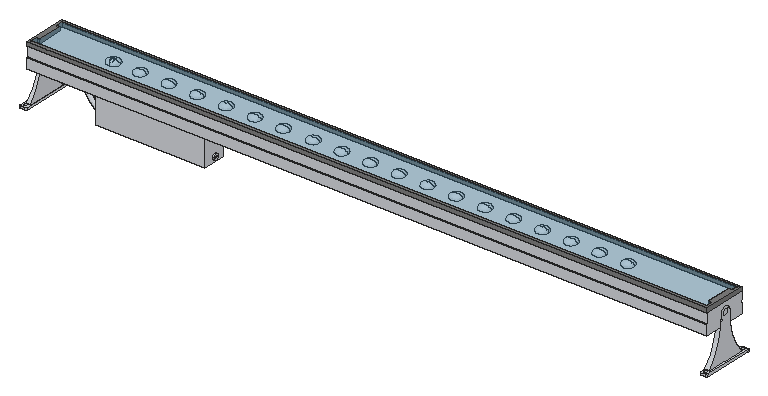
Revit family "WALL WASHER HIGH POWER LED 100CM_LK2036WW.30_CW.30", category Luminarias, Revit 2019
Family settings
  Cota de conector redondo = Diámetro de uso
  Tipo de pieza = Normal
  Se basa en plano de trabajo = Sí
  Siempre vertical = No
  Corte con vacíos al cargar = No
  Origen de luz = Sí
  Compartido = No
  Punto de cálculo de habitación = No
Parameters (values of type "REFL_LK2036WW.30")
  Ángulo de inclinación = 60.00°
  Zone [instance] = ""
  Watt per fixture = 41
  Wattage = 41 W
  built-in parameter 1150107 = 3000 (stored number, unit not read)
  built-in parameter 1150110 = 1 (stored number, unit not read)
  built-in parameter 1150109 = 1 (stored number, unit not read)
  built-in parameter 1150112 = 1 (stored number, unit not read)
  built-in parameter 1150113 = 1 (stored number, unit not read)
  built-in parameter 1114218 = 1 (stored number, unit not read)
  Keynote = ""
  built-in parameter 1150137 = (empty or 0)
  built-in parameter 1150132 = (empty or 0)
  Modelo = "LK2036WW.30"
  Lámpara = "OSRAM"
  Longitud de línea de emisión = 400 mm
  built-in parameter 1150105 = 200.36 (stored number, unit not read)
  built-in parameter 1150102 = (empty or 0)
  built-in parameter 1150106 = 2.0036 (stored number, unit not read)
  Lumens = 2517.81 lm
  Color Filter = 16777215
  built-in parameter 1114217 = 1 (stored number, unit not read)
  built-in parameter 1150139 = (empty or 0)
  Fabricante = "BRILLANT"
  Default Elevation = 0 mm
  built-in parameter 1150104 = 5.7052 (stored number, unit not read)
  Descripción = "LUMINARIA TIPO REFLECTOR LINEAL, WALL WASHER , CUERPO DE ALUMINIO EXTRUIDO CON POLVO GRIS, VIDRIO TEMPLADO DE 3MM ADEMAS DEL SELLADO CON SILICON EN VIDRIO Y HOUSING, CUENTA CON 20 LED TIPO OSRAM CON UN CONSUMO TOTAL DE 41W, 2518 LUMENES, CON UNA TEMPERATURA EN BLANCO CALIDO A 3000K, IP 66, IRC 80, IK 05, CABLE H05RN DE 0.5M, APERTURA DE 30 GRADOS EN STOCK, ALIMENTADA CON FUENTE REMOTA A 100-277V."
  built-in parameter 1150115 = 1 (stored number, unit not read)
  built-in parameter 1150114 = 1 (stored number, unit not read)
  Comentarios de vataje = "100-277V"
  built-in parameter 1150138 = (empty or 0)
  built-in parameter 1150134 = (empty or 0)
  Circuit [instance] = ""
  Dimming Lamp Color Temperature Shift = 1
  Archivo de red fotométrica = "LK2036WW.IES"
  built-in parameter 1150133 = 10 (stored number, unit not read)
Types (2, lengths in mm): name | built-in parameter 1150107 | Modelo | built-in parameter 1150105 | built-in parameter 1150106 | Lumens | built-in parameter 1150104 | Descripción | built-in parameter 1150134
  REFL_LK2036WW.30 | 3000 (stored number, unit not read) | "LK2036WW.30" | 200.36 (stored number, unit not read) | 2.0036 (stored number, unit not read) | 2517.81 lm | 5.7052 (stored number, unit not read) | "LUMINARIA TIPO REFLECTOR LINEAL, WALL WASHER , CUERPO DE ALUMINIO EXTRUIDO CON POLVO GRIS, VIDRIO TEMPLADO DE 3MM ADEMAS DEL SELLADO CON SILICON EN VIDRIO Y HOUSING, CUENTA CON 20 LED TIPO OSRAM CON UN CONSUMO TOTAL DE 41W, 2518 LUMENES, CON UNA TEMPERATURA EN BLANCO CALIDO A 3000K, IP 66, IRC 80, IK 05, CABLE H05RN DE 0.5M, APERTURA DE 30 GRADOS EN STOCK, ALIMENTADA CON FUENTE REMOTA A 100-277V." | (empty or 0)
  REFL_LK2036CW.30 | 6000 (stored number, unit not read) | "LK2036CW.30" | 229.95 (stored number, unit not read) | 2.2995 (stored number, unit not read) | 2889.68 lm | 6.5478 (stored number, unit not read) | "LUMINARIA TIPO REFLECTOR LINEAL, WALL WASHER , CUERPO DE ALUMINIO EXTRUIDO CON POLVO GRIS, VIDRIO TEMPLADO DE 3MM ADEMAS DEL SELLADO CON SILICON EN VIDRIO Y HOUSING, CUENTA CON 20 LED TIPO OSRAM CON UN CONSUMO TOTAL DE 41W, 2890 LUMENES, CON UNA TEMPERATURA EN BLANCO FRIO A 6000K, IP 66, IRC 80, IK 05, CABLE H05RN DE 0.5M, APERTURA DE 30 GRADOS EN STOCK, ALIMENTADA CON FUENTE REMOTA A 100-277V." | 5
Reference planes
  plane 1 "Centro (Frontal/Posterior)": y = 0
  plane 2: z = 0
  plane 3 "Centro (Izquierda/Derecha)": x = 0
  plane 4: x = -500
  plane 5: x = 500
  plane 6: z = 86
  plane 7: z = 3
  plane 8: x = 0
Forms (mm)
  Extrusion 1, solid
    sketch origin (0, 0, 0) x (1, 0, 0) y (0, 1, 0)
      loop
        arc (-495.182, -38.75) -> (-493.931, -38.232) -> (-493.412, -36.98) r 1.77
        line (-493.412, -36.98) -> (-493.412, 36.98)
        arc (-493.412, 36.98) -> (-493.931, 38.232) -> (-495.182, 38.75) r 1.77
        line (-495.182, 38.75) -> (-501.643, 38.75)
        arc (-501.643, 38.75) -> (-502.894, 38.232) -> (-503.412, 36.98) r 1.77
        line (-503.412, 36.98) -> (-503.412, -36.98)
        arc (-503.412, -36.98) -> (-502.894, -38.232) -> (-501.643, -38.75) r 1.77
        line (-501.643, -38.75) -> (-495.182, -38.75)
      loop
        circle (-498.412, -33.75) r 2.617
      loop
        circle (-498.412, 33.75) r 2.617
      loop
        line (495.182, -38.75) -> (501.643, -38.75)
        arc (501.643, -38.75) -> (502.894, -38.232) -> (503.412, -36.98) r 1.77
        line (503.412, -36.98) -> (503.412, 36.98)
        arc (503.412, 36.98) -> (502.894, 38.232) -> (501.643, 38.75) r 1.77
        line (501.643, 38.75) -> (495.182, 38.75)
        arc (495.182, 38.75) -> (493.931, 38.232) -> (493.412, 36.98) r 1.77
        line (493.412, 36.98) -> (493.412, -36.98)
        arc (493.412, -36.98) -> (493.931, -38.232) -> (495.182, -38.75) r 1.77
      loop
        circle (498.412, -33.75) r 2.617
      loop
        circle (498.412, 33.75) r 2.617
    from 0 to 3
  Extrusion 2, solid
    sketch origin (0, 0, 57.505) x (0, -1, 0) y (0, 0, -1)
      loop
        circle (0, -9.725) r 5
      loop
        arc (-7.232, -9.725) -> (0, -16.957) -> (7.232, -9.725) r 7.232
        arc (7.232, -9.725) -> (12.387, 24.386) -> (29.21, 54.505) r 96.512
        line (29.21, 54.505) -> (0.469, 54.505) -> (0.469, 19.505) -> (-0.469, 19.505) -> (-0.469, 54.505) -> (-29.21, 54.505)
        arc (-29.21, 54.505) -> (-12.387, 24.386) -> (-7.232, -9.725) r 96.512
    from 493.412 to 500
  Extrusion 3, solid, material "Cristal"
    sketch origin (0, 0, 0) x (1, 0, 0) y (0, 1, 0)
      loop
        line (-495, 28.5) -> (-495, 18.5) -> (-490, 18.5) -> (-490, -18.5) -> (-495, -18.5) -> (-495, -28.5) -> (495, -28.5) -> (495, -18.5) -> (490, -18.5) -> (490, 18.5) -> (495, 18.5) -> (495, 28.5) -> (-495, 28.5)
    from 86 to 85.337
  Revolve 4, solid
    sketch origin (0, 0, 1.84) x (1, 0, 0) y (0, 0, 1)
      loop
        line (105.714, 83.128) -> (105.714, 78.128) -> (114.371, 78.128)
        spline (114.371, 78.128) -> (114.297, 78.781) -> (114.076, 79.422) -> (113.712, 80.042) -> (113.211, 80.628) -> (112.582, 81.172) -> (111.835, 81.664) -> (110.984, 82.095) -> (110.043, 82.458) -> (109.027, 82.748) -> (107.955, 82.958) -> (106.844, 83.085) -> (105.714, 83.128)
      axis (105.714, 78.128) -> (105.714, 83.128)
    angle from 0 to 360
  Revolve 5, solid
    sketch origin (-42, 0, 1.84) x (1, 0, 0) y (0, 0, 1)
      loop
        line (105.714, 83.128) -> (105.714, 78.128) -> (114.371, 78.128)
        spline (114.371, 78.128) -> (114.297, 78.781) -> (114.076, 79.422) -> (113.712, 80.042) -> (113.211, 80.628) -> (112.582, 81.172) -> (111.835, 81.664) -> (110.984, 82.095) -> (110.043, 82.458) -> (109.027, 82.748) -> (107.955, 82.958) -> (106.844, 83.085) -> (105.714, 83.128)
      axis (105.714, 78.128) -> (105.714, 83.128)
    angle from 0 to 360
  Revolve 6, solid
    sketch origin (-84, 0, 1.84) x (1, 0, 0) y (0, 0, 1)
      loop
        line (105.714, 83.128) -> (105.714, 78.128) -> (114.371, 78.128)
        spline (114.371, 78.128) -> (114.297, 78.781) -> (114.076, 79.422) -> (113.712, 80.042) -> (113.211, 80.628) -> (112.582, 81.172) -> (111.835, 81.664) -> (110.984, 82.095) -> (110.043, 82.458) -> (109.027, 82.748) -> (107.955, 82.958) -> (106.844, 83.085) -> (105.714, 83.128)
      axis (105.714, 78.128) -> (105.714, 83.128)
    angle from 0 to 360
  Revolve 7, solid
    sketch origin (-126, 0, 1.84) x (1, 0, 0) y (0, 0, 1)
      loop
        line (105.714, 83.128) -> (105.714, 78.128) -> (114.371, 78.128)
        spline (114.371, 78.128) -> (114.297, 78.781) -> (114.076, 79.422) -> (113.712, 80.042) -> (113.211, 80.628) -> (112.582, 81.172) -> (111.835, 81.664) -> (110.984, 82.095) -> (110.043, 82.458) -> (109.027, 82.748) -> (107.955, 82.958) -> (106.844, 83.085) -> (105.714, 83.128)
      axis (105.714, 78.128) -> (105.714, 83.128)
    angle from 0 to 360
  Revolve 8, solid
    sketch origin (-168, 0, 1.84) x (1, 0, 0) y (0, 0, 1)
      loop
        line (105.714, 83.128) -> (105.714, 78.128) -> (114.371, 78.128)
        spline (114.371, 78.128) -> (114.297, 78.781) -> (114.076, 79.422) -> (113.712, 80.042) -> (113.211, 80.628) -> (112.582, 81.172) -> (111.835, 81.664) -> (110.984, 82.095) -> (110.043, 82.458) -> (109.027, 82.748) -> (107.955, 82.958) -> (106.844, 83.085) -> (105.714, 83.128)
      axis (105.714, 78.128) -> (105.714, 83.128)
    angle from 0 to 360
  Revolve 9, solid
    sketch origin (-210, 0, 1.84) x (1, 0, 0) y (0, 0, 1)
      loop
        line (105.714, 83.128) -> (105.714, 78.128) -> (114.371, 78.128)
        spline (114.371, 78.128) -> (114.297, 78.781) -> (114.076, 79.422) -> (113.712, 80.042) -> (113.211, 80.628) -> (112.582, 81.172) -> (111.835, 81.664) -> (110.984, 82.095) -> (110.043, 82.458) -> (109.027, 82.748) -> (107.955, 82.958) -> (106.844, 83.085) -> (105.714, 83.128)
      axis (105.714, 78.128) -> (105.714, 83.128)
    angle from 0 to 360
  Extrusion 10, solid
    sketch origin (-88.161, 0, 0) x (1, 0, 0) y (0, 1, 0)
      loop
        circle (-352, 0) r 7.477
    from 46.607 to 49.683
  Extrusion 11, solid
    sketch origin (-338.161, 0, 0) x (1, 0, 0) y (0, 1, 0)
      loop
        line (-102, 7.477) -> (-108.476, 3.739) -> (-108.476, -3.739) -> (-102, -7.477) -> (-95.524, -3.739) -> (-95.524, 3.739) -> (-102, 7.477)
    from 43.841 to 46.607
  Extrusion 12, solid
    sketch origin (0, 0, 0) x (1, 0, 0) y (0, 1, 0)
      loop
        line (-498.412, 32.016) -> (-498.412, -32.654) -> (498.545, -32.654) -> (498.545, 32.016) -> (-498.412, 32.016)
    from 49.683 to 79.969
  Revolve 13, solid
    sketch origin (-252, 0, 1.84) x (1, 0, 0) y (0, 0, 1)
      loop
        line (-144.286, 83.128) -> (-144.286, 78.128) -> (-135.629, 78.128)
        spline (-135.629, 78.128) -> (-135.703, 78.781) -> (-135.924, 79.422) -> (-136.288, 80.042) -> (-136.789, 80.628) -> (-137.418, 81.172) -> (-138.165, 81.664) -> (-139.016, 82.095) -> (-139.957, 82.458) -> (-140.973, 82.748) -> (-142.045, 82.958) -> (-143.156, 83.085) -> (-144.286, 83.128)
      axis (-144.286, 78.128) -> (-144.286, 83.128)
    angle from 0 to 360
  Extrusion 14, void
    sketch origin (0, 0, 0) x (0, 1, 0) y (0, 0, 1)
      loop
        line (-32.654, 79.969) -> (-32.654, 64.191) -> (-29.884, 64.191) -> (-29.884, 79.969) -> (-32.654, 79.969)
      loop
        line (32.654, 69.191) -> (29.884, 69.191) -> (29.884, 64.191) -> (32.654, 64.191) -> (32.654, 69.191)
    from -500 to 500
  Extrusion 15, solid
    sketch origin (0, 0, 57.505) x (0, -1, 0) y (0, 0, 1)
      loop
        circle (0, 9.725) r 5
      loop
        arc (-7.232, 9.725) -> (-12.387, -24.386) -> (-29.21, -54.505) r 96.512
        line (-29.21, -54.505) -> (-0.469, -54.505) -> (-0.469, -19.505) -> (0.469, -19.505) -> (0.469, -54.505) -> (29.21, -54.505)
        arc (29.21, -54.505) -> (12.387, -24.386) -> (7.232, 9.725) r 96.512
        arc (7.232, 9.725) -> (0, 16.957) -> (-7.232, 9.725) r 7.232
    from 495 to 500
  Extrusion 16, solid
    sketch origin (0, 0, 0) x (1, 0, 0) y (0, 1, 0)
      loop
        line (-409.783, 16) -> (-409.783, -16) -> (-249.976, -16) -> (-249.976, 16) -> (-409.783, 16)
    from 0 to 39.513
  Extrusion 17, void
    sketch origin (0, 0, 0) x (1, 0, 0) y (0, 1, 0)
      loop
        line (-409.783, 12.695) -> (-409.783, 11.445) -> (-361.686, 11.445) -> (-361.686, 12.695) -> (-409.783, 12.695)
      loop
        line (-409.783, 8.945) -> (-409.783, 7.695) -> (-361.686, 7.695) -> (-361.686, 8.945) -> (-409.783, 8.945)
      loop
        line (-409.783, 5.195) -> (-409.783, 3.945) -> (-361.686, 3.945) -> (-361.686, 5.195) -> (-409.783, 5.195)
      loop
        line (-409.783, -12.695) -> (-361.686, -12.695) -> (-361.686, -11.445) -> (-409.783, -11.445) -> (-409.783, -12.695)
      loop
        line (-409.783, -8.945) -> (-361.686, -8.945) -> (-361.686, -7.695) -> (-409.783, -7.695) -> (-409.783, -8.945)
      loop
        line (-409.783, -5.195) -> (-361.686, -5.195) -> (-361.686, -3.945) -> (-409.783, -3.945) -> (-409.783, -5.195)
      loop
        line (-249.976, 12.695) -> (-298.073, 12.695) -> (-298.073, 11.445) -> (-249.976, 11.445) -> (-249.976, 12.695)
      loop
        line (-249.976, 8.945) -> (-298.073, 8.945) -> (-298.073, 7.695) -> (-249.976, 7.695) -> (-249.976, 8.945)
      loop
        line (-249.976, 5.195) -> (-298.073, 5.195) -> (-298.073, 3.945) -> (-249.976, 3.945) -> (-249.976, 5.195)
      loop
        line (-249.976, -12.695) -> (-249.976, -11.445) -> (-298.073, -11.445) -> (-298.073, -12.695) -> (-249.976, -12.695)
      loop
        line (-249.976, -8.945) -> (-249.976, -7.695) -> (-298.073, -7.695) -> (-298.073, -8.945) -> (-249.976, -8.945)
      loop
        line (-249.976, -5.195) -> (-249.976, -3.945) -> (-298.073, -3.945) -> (-298.073, -5.195) -> (-249.976, -5.195)
    from 37.886 to 39.513
  Extrusion 18, solid
    sketch origin (0, 0, 0) x (0, 1, 0) y (0, 0, 1)
      loop
        circle (0, 8.771) r 3.442
      loop
        line (2.746, 10.356) -> (0, 11.942) -> (-2.746, 10.356) -> (-2.746, 7.185) -> (0, 5.6) -> (2.746, 7.185) -> (2.746, 10.356)
    from -413.671 to -409.783
  Extrusion 19, solid
    sketch origin (-374.541, 0, 0) x (0, 1, 0) y (0, 0, -1)
      loop
        circle (0, -8.771) r 3.442
      loop
        line (2.746, -10.356) -> (2.746, -7.185) -> (0, -5.6) -> (-2.746, -7.185) -> (-2.746, -10.356) -> (0, -11.942) -> (2.746, -10.356)
    from -128.252 to -124.565
  Sweep 20, solid
    path origin (15.428, 0, 13.216) x (1, 0, 0) y (0, 0, 1)
      loop
        arc (-438.601, 37.696) -> (-433.417, 21.627) -> (-420.773, 10.436) r 31.987
    profile origin (-417.989, 0, 34.843) x (0.836903, 0, 0.547351) y (0, -1, 0)
      loop
        circle (-16.782, 0) r 3.712
  Extrusion 21, solid, material "Aluminio"
    sketch origin (0, 0, 0) x (1, 0, 0) y (0, 1, 0)
      loop
        line (-498.412, 32.016) -> (-498.412, -32.654) -> (498.545, -32.654) -> (498.545, 32.016) -> (-498.412, 32.016)
      loop
        line (-495, 28.5) -> (-495, 18.5) -> (-490, 18.5) -> (-490, -18.5) -> (-495, -18.5) -> (-495, -28.5) -> (495, -28.5) -> (495, -18.5) -> (490, -18.5) -> (490, 18.5) -> (495, 18.5) -> (495, 28.5) -> (-495, 28.5)
    from 79.969 to 86
  Revolve 22, solid
    sketch origin (84, 0, 1.84) x (1, 0, 0) y (0, 0, 1)
      loop
        line (105.714, 83.128) -> (105.714, 78.128) -> (114.371, 78.128)
        spline (114.371, 78.128) -> (114.297, 78.781) -> (114.076, 79.422) -> (113.712, 80.042) -> (113.211, 80.628) -> (112.582, 81.172) -> (111.835, 81.664) -> (110.984, 82.095) -> (110.043, 82.458) -> (109.027, 82.748) -> (107.955, 82.958) -> (106.844, 83.085) -> (105.714, 83.128)
      axis (105.714, 78.128) -> (105.714, 83.128)
    angle from 0 to 360
  Revolve 23, solid
    sketch origin (42, 0, 1.84) x (1, 0, 0) y (0, 0, 1)
      loop
        line (105.714, 83.128) -> (105.714, 78.128) -> (114.371, 78.128)
        spline (114.371, 78.128) -> (114.297, 78.781) -> (114.076, 79.422) -> (113.712, 80.042) -> (113.211, 80.628) -> (112.582, 81.172) -> (111.835, 81.664) -> (110.984, 82.095) -> (110.043, 82.458) -> (109.027, 82.748) -> (107.955, 82.958) -> (106.844, 83.085) -> (105.714, 83.128)
      axis (105.714, 78.128) -> (105.714, 83.128)
    angle from 0 to 360
  Revolve 24, solid
    sketch origin (168, 0, 1.84) x (1, 0, 0) y (0, 0, 1)
      loop
        line (105.714, 83.128) -> (105.714, 78.128) -> (114.371, 78.128)
        spline (114.371, 78.128) -> (114.297, 78.781) -> (114.076, 79.422) -> (113.712, 80.042) -> (113.211, 80.628) -> (112.582, 81.172) -> (111.835, 81.664) -> (110.984, 82.095) -> (110.043, 82.458) -> (109.027, 82.748) -> (107.955, 82.958) -> (106.844, 83.085) -> (105.714, 83.128)
      axis (105.714, 78.128) -> (105.714, 83.128)
    angle from 0 to 360
  Revolve 25, solid
    sketch origin (126, 0, 1.84) x (1, 0, 0) y (0, 0, 1)
      loop
        line (105.714, 83.128) -> (105.714, 78.128) -> (114.371, 78.128)
        spline (114.371, 78.128) -> (114.297, 78.781) -> (114.076, 79.422) -> (113.712, 80.042) -> (113.211, 80.628) -> (112.582, 81.172) -> (111.835, 81.664) -> (110.984, 82.095) -> (110.043, 82.458) -> (109.027, 82.748) -> (107.955, 82.958) -> (106.844, 83.085) -> (105.714, 83.128)
      axis (105.714, 78.128) -> (105.714, 83.128)
    angle from 0 to 360
  Revolve 26, solid
    sketch origin (252, 0, 1.84) x (1, 0, 0) y (0, 0, 1)
      loop
        line (105.714, 83.128) -> (105.714, 78.128) -> (114.371, 78.128)
        spline (114.371, 78.128) -> (114.297, 78.781) -> (114.076, 79.422) -> (113.712, 80.042) -> (113.211, 80.628) -> (112.582, 81.172) -> (111.835, 81.664) -> (110.984, 82.095) -> (110.043, 82.458) -> (109.027, 82.748) -> (107.955, 82.958) -> (106.844, 83.085) -> (105.714, 83.128)
      axis (105.714, 78.128) -> (105.714, 83.128)
    angle from 0 to 360
  Revolve 27, solid
    sketch origin (210, 0, 1.84) x (1, 0, 0) y (0, 0, 1)
      loop
        line (105.714, 83.128) -> (105.714, 78.128) -> (114.371, 78.128)
        spline (114.371, 78.128) -> (114.297, 78.781) -> (114.076, 79.422) -> (113.712, 80.042) -> (113.211, 80.628) -> (112.582, 81.172) -> (111.835, 81.664) -> (110.984, 82.095) -> (110.043, 82.458) -> (109.027, 82.748) -> (107.955, 82.958) -> (106.844, 83.085) -> (105.714, 83.128)
      axis (105.714, 78.128) -> (105.714, 83.128)
    angle from 0 to 360
  Revolve 28, solid
    sketch origin (-42, 0, 1.84) x (-1, 0, 0) y (0, 0, 1)
      loop
        line (355.714, 83.128) -> (355.714, 78.128) -> (364.371, 78.128)
        spline (364.371, 78.128) -> (364.297, 78.781) -> (364.076, 79.422) -> (363.712, 80.042) -> (363.211, 80.628) -> (362.582, 81.172) -> (361.835, 81.664) -> (360.984, 82.095) -> (360.043, 82.458) -> (359.027, 82.748) -> (357.955, 82.958) -> (356.844, 83.085) -> (355.714, 83.128)
      axis (355.714, 78.128) -> (355.714, 83.128)
    angle from 0 to 360
  Revolve 29, solid
    sketch origin (-84, 0, 1.84) x (-1, 0, 0) y (0, 0, 1)
      loop
        line (105.714, 83.128) -> (105.714, 78.128) -> (114.371, 78.128)
        spline (114.371, 78.128) -> (114.297, 78.781) -> (114.076, 79.422) -> (113.712, 80.042) -> (113.211, 80.628) -> (112.582, 81.172) -> (111.835, 81.664) -> (110.984, 82.095) -> (110.043, 82.458) -> (109.027, 82.748) -> (107.955, 82.958) -> (106.844, 83.085) -> (105.714, 83.128)
      axis (105.714, 78.128) -> (105.714, 83.128)
    angle from 0 to 360
  Revolve 30, solid
    sketch origin (-42, 0, 1.84) x (-1, 0, 0) y (0, 0, 1)
      loop
        line (105.714, 83.128) -> (105.714, 78.128) -> (114.371, 78.128)
        spline (114.371, 78.128) -> (114.297, 78.781) -> (114.076, 79.422) -> (113.712, 80.042) -> (113.211, 80.628) -> (112.582, 81.172) -> (111.835, 81.664) -> (110.984, 82.095) -> (110.043, 82.458) -> (109.027, 82.748) -> (107.955, 82.958) -> (106.844, 83.085) -> (105.714, 83.128)
      axis (105.714, 78.128) -> (105.714, 83.128)
    angle from 0 to 360
  Revolve 31, solid
    sketch origin (-168, 0, 1.84) x (-1, 0, 0) y (0, 0, 1)
      loop
        line (105.714, 83.128) -> (105.714, 78.128) -> (114.371, 78.128)
        spline (114.371, 78.128) -> (114.297, 78.781) -> (114.076, 79.422) -> (113.712, 80.042) -> (113.211, 80.628) -> (112.582, 81.172) -> (111.835, 81.664) -> (110.984, 82.095) -> (110.043, 82.458) -> (109.027, 82.748) -> (107.955, 82.958) -> (106.844, 83.085) -> (105.714, 83.128)
      axis (105.714, 78.128) -> (105.714, 83.128)
    angle from 0 to 360
  Revolve 32, solid
    sketch origin (-126, 0, 1.84) x (-1, 0, 0) y (0, 0, 1)
      loop
        line (105.714, 83.128) -> (105.714, 78.128) -> (114.371, 78.128)
        spline (114.371, 78.128) -> (114.297, 78.781) -> (114.076, 79.422) -> (113.712, 80.042) -> (113.211, 80.628) -> (112.582, 81.172) -> (111.835, 81.664) -> (110.984, 82.095) -> (110.043, 82.458) -> (109.027, 82.748) -> (107.955, 82.958) -> (106.844, 83.085) -> (105.714, 83.128)
      axis (105.714, 78.128) -> (105.714, 83.128)
    angle from 0 to 360
  Revolve 33, solid
    sketch origin (-252, 0, 1.84) x (-1, 0, 0) y (0, 0, 1)
      loop
        line (105.714, 83.128) -> (105.714, 78.128) -> (114.371, 78.128)
        spline (114.371, 78.128) -> (114.297, 78.781) -> (114.076, 79.422) -> (113.712, 80.042) -> (113.211, 80.628) -> (112.582, 81.172) -> (111.835, 81.664) -> (110.984, 82.095) -> (110.043, 82.458) -> (109.027, 82.748) -> (107.955, 82.958) -> (106.844, 83.085) -> (105.714, 83.128)
      axis (105.714, 78.128) -> (105.714, 83.128)
    angle from 0 to 360
  Revolve 34, solid
    sketch origin (-210, 0, 1.84) x (-1, 0, 0) y (0, 0, 1)
      loop
        line (105.714, 83.128) -> (105.714, 78.128) -> (114.371, 78.128)
        spline (114.371, 78.128) -> (114.297, 78.781) -> (114.076, 79.422) -> (113.712, 80.042) -> (113.211, 80.628) -> (112.582, 81.172) -> (111.835, 81.664) -> (110.984, 82.095) -> (110.043, 82.458) -> (109.027, 82.748) -> (107.955, 82.958) -> (106.844, 83.085) -> (105.714, 83.128)
      axis (105.714, 78.128) -> (105.714, 83.128)
    angle from 0 to 360
Cuts and joins
  Extrusion 14 cuts Extrusion 12
  Extrusion 17 cuts Extrusion 16
Dimensions and locks
  equal spacing: plane 4, plane 3 "Centro (Izquierda/Derecha)", plane 5
  plane 4 to plane 5 = 1000 mm
  plane 4 to plane 3 "Centro (Izquierda/Derecha)" = 500 mm
  plane 6 to plane 2 = 86 mm
  plane 6 to level = 86 mm
  plane 7 to level = 3 mm
  locked: Extrusion 18 to Extrusion 18 at 3.888
  cut or joined group of Extrusion 16, Extrusion 17 to cut or joined group of Extrusion 16, Extrusion 17 = 159.807 mm
  cut or joined group of Extrusion 16, Extrusion 17 to cut or joined group of Extrusion 16, Extrusion 17 = 39.513 mm
  Extrusion 3 to level = 85.337 mm
  aligned and locked: level to plane 2
  aligned and locked: plane 7 to Extrusion 1
  aligned and locked: Extrusion 14 to plane 4
  aligned and locked: plane 5 to Extrusion 14
  aligned and locked: plane 5 to Extrusion 2
  aligned and locked: Extrusion 18 to cut or joined group of Extrusion 16, Extrusion 17
  aligned and locked: Extrusion 17 to Extrusion 16
  aligned and locked: Extrusion 21 sketch curve to cut or joined group of Extrusion 12, Extrusion 14  (x4)
  aligned and locked: Extrusion 21 sketch curve to Extrusion 3  (x3)
  aligned and locked: Extrusion 15 to Extrusion 21 sketch curve
  aligned and locked: Extrusion 21 to plane 6
  aligned and locked: Extrusion 21 to cut or joined group of Extrusion 12, Extrusion 14
  aligned and locked: Extrusion 21 to Revolve 4
Automatic sketch dimensions
  Extrusion 1 sketch curve to plane 4 = 3.412 mm
  Extrusion 1 sketch curve to plane 4 = 1.643 mm  (x2)
  plane 4 to Extrusion 1 sketch curve = 1.588 mm  (x2)
  plane 4 to Extrusion 1 sketch curve = 4.818 mm
  Extrusion 1 sketch curve to Extrusion 1 sketch curve = 3.23 mm  (x5)
  Extrusion 1 sketch curve to Extrusion 1 sketch curve = 1.77 mm  (x4)
  Extrusion 1 sketch curve to plane 5 = 6.588 mm
  Extrusion 1 sketch curve to plane 5 = 1.588 mm  (x2)
  plane 5 to Extrusion 1 sketch curve = 1.643 mm  (x2)
  plane 1 "Centro (Frontal/Posterior)" to Extrusion 1 sketch curve = 38.75 mm  (x2)
  Extrusion 1 sketch curve to plane 1 "Centro (Frontal/Posterior)" = 33.75 mm  (x2)
  Extrusion 2 sketch curve to Extrusion 2 sketch curve = 0 mm  (x2)
  Extrusion 2 sketch curve to plane 7 = 0 mm  (x2)
  Extrusion 2 sketch curve to plane 1 "Centro (Frontal/Posterior)" = 0 mm
  Extrusion 2 sketch curve to plane 1 "Centro (Frontal/Posterior)" = 0.469 mm
  Extrusion 2 sketch curve to Extrusion 2 sketch curve = 28.741 mm  (x2)
  Extrusion 2 sketch curve to plane 6 = 21.636 mm  (x2)
  Extrusion 2 sketch curve to Extrusion 2 sketch curve = 74.492 mm
  plane 1 "Centro (Frontal/Posterior)" to Extrusion 2 sketch curve = 0.469 mm
  Extrusion 2 sketch curve to plane 6 = 18.77 mm
  Extrusion 2 sketch curve to Extrusion 2 sketch curve = 29.23 mm
  plane 4 to Extrusion 3 sketch curve = 5 mm  (x2)
  Extrusion 3 sketch curve to Extrusion 3 sketch curve = 5 mm
  Extrusion 3 sketch curve to plane 5 = 10 mm
  Extrusion 3 sketch curve to plane 5 = 5 mm  (x2)
  plane 1 "Centro (Frontal/Posterior)" to Extrusion 3 sketch curve = 28.5 mm
  Extrusion 3 sketch curve to Extrusion 3 sketch curve = 10 mm  (x3)
  Extrusion 3 sketch curve to plane 1 "Centro (Frontal/Posterior)" = 18.5 mm  (x2)
  Revolve 4 sketch curve to plane 6 = 1.031 mm
  plane 3 "Centro (Izquierda/Derecha)" to Revolve 4 sketch curve = 105.714 mm
  Revolve 4 sketch curve to Revolve 4 sketch curve = 0 mm  (x3)
  Revolve 4 sketch curve to Revolve 4 sketch curve = 8.657 mm
  Revolve 4 sketch curve to Revolve 4 sketch curve = 5 mm
  plane 6 to Revolve 4 sketch curve = 15.857 mm
  Revolve 5 sketch curve to plane 6 = 1.031 mm
  plane 3 "Centro (Izquierda/Derecha)" to Revolve 5 sketch curve = 63.714 mm
  Revolve 5 sketch curve to Revolve 5 sketch curve = 0 mm  (x3)
  Revolve 5 sketch curve to Revolve 5 sketch curve = 8.657 mm
  Revolve 5 sketch curve to Revolve 5 sketch curve = 5 mm
  plane 6 to Revolve 5 sketch curve = 15.857 mm
  Revolve 6 sketch curve to plane 6 = 1.031 mm
  plane 3 "Centro (Izquierda/Derecha)" to Revolve 6 sketch curve = 21.714 mm
  Revolve 6 sketch curve to Revolve 6 sketch curve = 0 mm  (x3)
  Revolve 6 sketch curve to Revolve 6 sketch curve = 8.657 mm
  Revolve 6 sketch curve to Revolve 6 sketch curve = 5 mm
  plane 6 to Revolve 6 sketch curve = 15.857 mm
  Revolve 7 sketch curve to plane 6 = 1.031 mm
  Revolve 7 sketch curve to plane 3 "Centro (Izquierda/Derecha)" = 20.286 mm
  Revolve 7 sketch curve to Revolve 7 sketch curve = 0 mm  (x3)
  Revolve 7 sketch curve to Revolve 7 sketch curve = 8.657 mm
  Revolve 7 sketch curve to Revolve 7 sketch curve = 5 mm
  plane 6 to Revolve 7 sketch curve = 15.857 mm
  Revolve 8 sketch curve to plane 6 = 1.031 mm
  Revolve 8 sketch curve to plane 3 "Centro (Izquierda/Derecha)" = 62.286 mm
  Revolve 8 sketch curve to Revolve 8 sketch curve = 0 mm  (x3)
  Revolve 8 sketch curve to Revolve 8 sketch curve = 8.657 mm
  Revolve 8 sketch curve to Revolve 8 sketch curve = 5 mm
  plane 6 to Revolve 8 sketch curve = 15.857 mm
  Revolve 9 sketch curve to plane 6 = 1.031 mm
  Revolve 9 sketch curve to plane 3 "Centro (Izquierda/Derecha)" = 104.286 mm
  Revolve 9 sketch curve to Revolve 9 sketch curve = 0 mm  (x3)
  Revolve 9 sketch curve to Revolve 9 sketch curve = 8.657 mm
  Revolve 9 sketch curve to Revolve 9 sketch curve = 5 mm
  plane 6 to Revolve 9 sketch curve = 15.857 mm
  plane 1 "Centro (Frontal/Posterior)" to Extrusion 10 sketch curve = 0 mm
  plane 4 to Extrusion 10 sketch curve = 59.839 mm
  plane 4 to Extrusion 12 sketch curve = 1.588 mm
  Extrusion 12 sketch curve to plane 5 = 1.455 mm
  plane 1 "Centro (Frontal/Posterior)" to Extrusion 12 sketch curve = 32.654 mm
  Extrusion 12 sketch curve to plane 1 "Centro (Frontal/Posterior)" = 32.016 mm
  Revolve 13 sketch curve to plane 6 = 1.031 mm
  plane 4 to Revolve 13 sketch curve = 103.714 mm
  Revolve 13 sketch curve to Revolve 13 sketch curve = 0 mm  (x3)
  Revolve 13 sketch curve to Revolve 13 sketch curve = 8.657 mm
  Revolve 13 sketch curve to Revolve 13 sketch curve = 5 mm
  plane 6 to Revolve 13 sketch curve = 15.857 mm
  plane 1 "Centro (Frontal/Posterior)" to Extrusion 14 sketch curve = 32.654 mm
  Extrusion 14 sketch curve to Extrusion 14 sketch curve = 2.77 mm  (x2)
  Extrusion 14 sketch curve to plane 1 "Centro (Frontal/Posterior)" = 29.884 mm
  Extrusion 14 sketch curve to plane 6 = 21.809 mm  (x2)
  Extrusion 14 sketch curve to Extrusion 14 sketch curve = 5 mm
  Extrusion 14 sketch curve to plane 6 = 6.031 mm
  Extrusion 15 sketch curve to Extrusion 15 sketch curve = 0 mm  (x2)
  Extrusion 15 sketch curve to plane 7 = 0 mm  (x2)
  Extrusion 15 sketch curve to plane 1 "Centro (Frontal/Posterior)" = 0 mm
  Extrusion 15 sketch curve to plane 1 "Centro (Frontal/Posterior)" = 0.469 mm
  Extrusion 15 sketch curve to Extrusion 15 sketch curve = 28.741 mm  (x2)
  Extrusion 15 sketch curve to plane 6 = 21.636 mm  (x2)
  Extrusion 15 sketch curve to Extrusion 15 sketch curve = 74.492 mm
  plane 1 "Centro (Frontal/Posterior)" to Extrusion 15 sketch curve = 0.469 mm
  Extrusion 15 sketch curve to Extrusion 15 sketch curve = 35 mm
  Extrusion 15 sketch curve to plane 6 = 18.77 mm
  plane 1 "Centro (Frontal/Posterior)" to Extrusion 16 sketch curve = 16 mm
  plane 4 to Extrusion 16 sketch curve = 90.217 mm
  Extrusion 16 sketch curve to Extrusion 16 sketch curve = 159.807 mm
  Extrusion 16 sketch curve to plane 1 "Centro (Frontal/Posterior)" = 16 mm
  Extrusion 17 sketch curve to plane 1 "Centro (Frontal/Posterior)" = 12.695 mm
  plane 4 to Extrusion 17 sketch curve = 90.217 mm
  plane 1 "Centro (Frontal/Posterior)" to Extrusion 17 sketch curve = 3.945 mm  (x2)
  Extrusion 17 sketch curve to Extrusion 17 sketch curve = 0 mm  (x20)
  Extrusion 17 sketch curve to plane 1 "Centro (Frontal/Posterior)" = 3.945 mm  (x2)
  Extrusion 17 sketch curve to Extrusion 17 sketch curve = 48.097 mm  (x2)
  Extrusion 17 sketch curve to Extrusion 17 sketch curve = 63.613 mm
  plane 1 "Centro (Frontal/Posterior)" to Extrusion 17 sketch curve = 12.695 mm
  Extrusion 17 sketch curve to Extrusion 17 sketch curve = 8.75 mm
  Extrusion 17 sketch curve to Extrusion 17 sketch curve = 1.25 mm  (x12)
  Extrusion 17 sketch curve to Extrusion 17 sketch curve = 2.5 mm  (x5)
  Extrusion 18 sketch curve to plane 1 "Centro (Frontal/Posterior)" = 0 mm  (x3)
  plane 1 "Centro (Frontal/Posterior)" to Extrusion 18 sketch curve = 2.746 mm
  Extrusion 18 sketch curve to plane 1 "Centro (Frontal/Posterior)" = 2.746 mm
  plane 7 to Extrusion 18 sketch curve = 2.6 mm
  Extrusion 18 sketch curve to Extrusion 18 sketch curve = 1.585 mm  (x6)
  Extrusion 19 sketch curve to plane 1 "Centro (Frontal/Posterior)" = 0 mm  (x3)
  plane 1 "Centro (Frontal/Posterior)" to Extrusion 19 sketch curve = 2.746 mm
  Extrusion 19 sketch curve to plane 1 "Centro (Frontal/Posterior)" = 2.746 mm
  plane 7 to Extrusion 19 sketch curve = 8.942 mm
  Extrusion 19 sketch curve to Extrusion 19 sketch curve = 1.585 mm  (x4)
  Extrusion 19 sketch curve to Extrusion 19 sketch curve = 3.171 mm
  plane 7 to Extrusion 19 sketch curve = 2.6 mm
  Sweep 20 sketch curve to plane 6 = 33.649 mm
  plane 4 to Sweep 20 sketch curve = 108.781 mm
  Sweep 20 sketch curve to Sweep 20 sketch curve = 14.126 mm
  Sweep 20 sketch curve to Sweep 20 sketch curve = 31.954 mm
  Sweep 20 sketch curve to Sweep 20 sketch curve = 1.438 mm
  Sweep 20 sketch curve to profile plane = 0 mm
  profile plane to Sweep 20 sketch curve = 16.782 mm
  plane 4 to Extrusion 21 sketch curve = 5 mm
  Extrusion 21 sketch curve to Extrusion 21 sketch curve = 5 mm
  Extrusion 21 sketch curve to plane 5 = 10 mm
  Extrusion 21 sketch curve to Extrusion 21 sketch curve = 3.545 mm
  Extrusion 21 sketch curve to plane 5 = 5 mm
  Extrusion 21 sketch curve to Extrusion 21 sketch curve = 10 mm  (x3)
  Revolve 22 sketch curve to plane 6 = 1.031 mm
  plane 3 "Centro (Izquierda/Derecha)" to Revolve 22 sketch curve = 189.714 mm
  Revolve 22 sketch curve to Revolve 22 sketch curve = 0 mm  (x3)
  Revolve 22 sketch curve to Revolve 22 sketch curve = 8.657 mm
  Revolve 22 sketch curve to Revolve 22 sketch curve = 5 mm
  plane 6 to Revolve 22 sketch curve = 15.857 mm
  Revolve 23 sketch curve to plane 6 = 1.031 mm
  plane 3 "Centro (Izquierda/Derecha)" to Revolve 23 sketch curve = 147.714 mm
  Revolve 23 sketch curve to Revolve 23 sketch curve = 0 mm  (x3)
  Revolve 23 sketch curve to Revolve 23 sketch curve = 8.657 mm
  Revolve 23 sketch curve to Revolve 23 sketch curve = 5 mm
  plane 6 to Revolve 23 sketch curve = 15.857 mm
  Revolve 24 sketch curve to plane 6 = 1.031 mm
  Revolve 24 sketch curve to plane 5 = 226.286 mm
  Revolve 24 sketch curve to Revolve 24 sketch curve = 0 mm  (x3)
  Revolve 24 sketch curve to Revolve 24 sketch curve = 8.657 mm
  Revolve 24 sketch curve to Revolve 24 sketch curve = 5 mm
  plane 6 to Revolve 24 sketch curve = 15.857 mm
  Revolve 25 sketch curve to plane 6 = 1.031 mm
  plane 3 "Centro (Izquierda/Derecha)" to Revolve 25 sketch curve = 231.714 mm
  Revolve 25 sketch curve to Revolve 25 sketch curve = 0 mm  (x3)
  Revolve 25 sketch curve to Revolve 25 sketch curve = 8.657 mm
  Revolve 25 sketch curve to Revolve 25 sketch curve = 5 mm
  plane 6 to Revolve 25 sketch curve = 15.857 mm
  Revolve 26 sketch curve to plane 6 = 1.031 mm
  Revolve 26 sketch curve to plane 5 = 142.286 mm
  Revolve 26 sketch curve to Revolve 26 sketch curve = 0 mm  (x3)
  Revolve 26 sketch curve to Revolve 26 sketch curve = 8.657 mm
  Revolve 26 sketch curve to Revolve 26 sketch curve = 5 mm
  plane 6 to Revolve 26 sketch curve = 15.857 mm
  Revolve 27 sketch curve to plane 6 = 1.031 mm
  Revolve 27 sketch curve to plane 5 = 184.286 mm
  Revolve 27 sketch curve to Revolve 27 sketch curve = 0 mm  (x3)
  Revolve 27 sketch curve to Revolve 27 sketch curve = 8.657 mm
  Revolve 27 sketch curve to Revolve 27 sketch curve = 5 mm
  plane 6 to Revolve 27 sketch curve = 15.857 mm
  plane 6 to Revolve 28 sketch curve = 1.031 mm
  Revolve 28 sketch curve to plane 4 = 102.286 mm
  Revolve 28 sketch curve to Revolve 28 sketch curve = 0 mm  (x3)
  Revolve 28 sketch curve to Revolve 28 sketch curve = 8.657 mm
  Revolve 28 sketch curve to Revolve 28 sketch curve = 5 mm
  Revolve 28 sketch curve to plane 6 = 15.857 mm
  plane 6 to Revolve 29 sketch curve = 1.031 mm
  plane 3 "Centro (Izquierda/Derecha)" to Revolve 29 sketch curve = 189.714 mm
  Revolve 29 sketch curve to Revolve 29 sketch curve = 0 mm  (x3)
  Revolve 29 sketch curve to Revolve 29 sketch curve = 8.657 mm
  Revolve 29 sketch curve to Revolve 29 sketch curve = 5 mm
  Revolve 29 sketch curve to plane 6 = 15.857 mm
  plane 6 to Revolve 30 sketch curve = 1.031 mm
  plane 3 "Centro (Izquierda/Derecha)" to Revolve 30 sketch curve = 147.714 mm
  Revolve 30 sketch curve to Revolve 30 sketch curve = 0 mm  (x3)
  Revolve 30 sketch curve to Revolve 30 sketch curve = 8.657 mm
  Revolve 30 sketch curve to Revolve 30 sketch curve = 5 mm
  Revolve 30 sketch curve to plane 6 = 15.857 mm
  plane 6 to Revolve 31 sketch curve = 1.031 mm
  Revolve 31 sketch curve to plane 4 = 226.286 mm
  Revolve 31 sketch curve to Revolve 31 sketch curve = 0 mm  (x3)
  Revolve 31 sketch curve to Revolve 31 sketch curve = 8.657 mm
  Revolve 31 sketch curve to Revolve 31 sketch curve = 5 mm
  Revolve 31 sketch curve to plane 6 = 15.857 mm
  plane 6 to Revolve 32 sketch curve = 1.031 mm
  plane 3 "Centro (Izquierda/Derecha)" to Revolve 32 sketch curve = 231.714 mm
  Revolve 32 sketch curve to Revolve 32 sketch curve = 0 mm  (x3)
  Revolve 32 sketch curve to Revolve 32 sketch curve = 8.657 mm
  Revolve 32 sketch curve to Revolve 32 sketch curve = 5 mm
  Revolve 32 sketch curve to plane 6 = 15.857 mm
  plane 6 to Revolve 33 sketch curve = 1.031 mm
  Revolve 33 sketch curve to plane 4 = 142.286 mm
  Revolve 33 sketch curve to Revolve 33 sketch curve = 0 mm  (x3)
  Revolve 33 sketch curve to Revolve 33 sketch curve = 8.657 mm
  Revolve 33 sketch curve to Revolve 33 sketch curve = 5 mm
  Revolve 33 sketch curve to plane 6 = 15.857 mm
  plane 6 to Revolve 34 sketch curve = 1.031 mm
  Revolve 34 sketch curve to plane 4 = 184.286 mm
  Revolve 34 sketch curve to Revolve 34 sketch curve = 0 mm  (x3)
  Revolve 34 sketch curve to Revolve 34 sketch curve = 8.657 mm
  Revolve 34 sketch curve to Revolve 34 sketch curve = 5 mm
  Revolve 34 sketch curve to plane 6 = 15.857 mm
  radius of Extrusion 1 sketch curve = 2.617 mm  (x4)
  radius of Extrusion 2 sketch curve = 5 mm
  radius of Extrusion 10 sketch curve = 7.477 mm
  radius of Extrusion 15 sketch curve = 5 mm
  radius of Extrusion 18 sketch curve = 3.442 mm
  radius of Extrusion 19 sketch curve = 3.442 mm
  radius of Sweep 20 sketch curve = 3.712 mm
Connectors
  electrical at (-246.289, 0, 8.771)
    settings: on Extrusion 19, index 1, voltage 277 V, apparent load 0 VA, apparent load phase1 0 VA, apparent load phase2 0 VA, apparent load phase3 0 VA, power factor 1, load classification "Otro", number of poles 1, system type 31, power factor state 1, is connector primary yes, connector utility no, sub classification motor no, connector description ""
